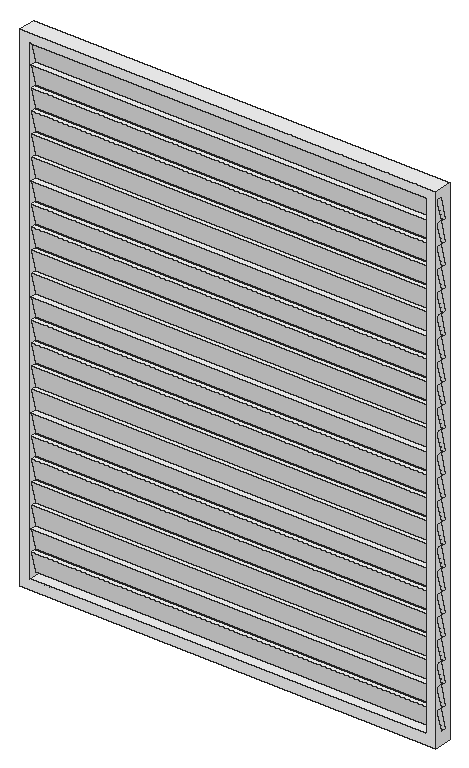
Revit family "WLV_A3-1500x2400mm-Louvre", category Windows, host Wall, Revit 2016
Family settings
  Host = Wall
  Always vertical = Yes
  Cut with Voids When Loaded = No
  Shared = No
  Room Calculation Point = No
Parameters (values of type "2000 x 2400mm Louvre")
  Lovre Height Half = Frame Width * 2  # 100 mm
  Louvre Width = 100 mm  # constant formula
  Louvre Finish = Default Louvre
  Louvre Angle = 15.00°
  Inside Width = Width - (45 mm * 2)  # 1100 mm
  Inside Height = Height - (45 mm * 2)  # 1100 mm
  Inset = 115 mm
  Height = 1190 mm
  Head Height = 2125 mm
  Frame Width = Louvre Width / 2  # 50 mm
  Frame Finish = Default Frame
  Default Sill Height = 800 mm
  Wall Closure = By host
  Width = 1190 mm
  Assembly Code = ""
  Array = Inside Height / Louvre Width  # 11
Reference planes
  plane 1: y = 0
  plane 2 "Center (Left/Right)": x = 0
  plane 3 "Left": x = -595
  plane 4 "Right": x = 595
  plane 5 "Sill": z = 935
  plane 6 "Head": z = 2125
  plane 7 "Exterior": y = 115
  plane 8 "Interior": y = -115
  plane 9 "Inset": y = 0
  plane 10: z = 1035
  plane 11: z = 2025
Forms (mm)
  Sweep 1, solid, material "Default Frame" <- "Frame Finish"
    path origin (0, 0, 0) x (-1, 0, 0) y (0, 0, 1)
      loop
        line (-1000, 0) -> (1000, 0) -> (1000, 2400) -> (-1000, 2400) -> (-1000, 0)
    profile "Profile Rectangle : Profile Rectangle" origin (0, 0, 0) x (0, 0, 1) y (0, 1, 0)
      loop
        line (0, -40) -> (45, -40) -> (45, 40) -> (0, 40) -> (0, -40)
Lines and regions (mm)
  Opening 1
    outline origin (3500, -115, 0) x (1, 0, 0) y (0, 0, 1)
      loop
        line (-2500, 0) -> (-2500, 2400) -> (-4500, 2400) -> (-4500, 0) -> (-2500, 0)
Text (mm)
  text "EXTERIOR" at (-1963.203, 1332.353, 0), in view "Ref. Level"
  text "INTERIOR" at (-1981.466, -818.386, 0), in view "Ref. Level"
  text "Exterior" at (0, 923.751, 2943.296), in view "Right"
  text "Exterior" at (0, 1040.484, 2685.409), in view "Left"
Dimensions and locks
  equal spacing: plane 3 "Left", plane 2 "Center (Left/Right)", plane 4 "Right"
  "Width": plane 3 "Left" to plane 4 "Right"
  plane 5 "Sill" to Sweep 1 = 1465 mm
  "Head Height": plane 6 "Head" to level
  locked: plane 7 "Exterior" to host wall at 0
  locked: plane 8 "Interior" to host wall
  "Inset": plane 9 "Inset" to plane 7 "Exterior"
  "Lovre Height Half": plane 5 "Sill" to plane 10
  "Lovre Height Half": plane 11 to plane 6 "Head"
  level to Sweep 1 = 0 mm
  equal spacing: group 1, group 2, group 3, group 4, group 5, group 6, group 7, group 8, group 9, group 10, group 11, group 12, group 13, group 14  (x3)
  aligned and locked: nested 1 to plane 9 "Inset"
  aligned and locked: plane 2 "Center (Left/Right)" to nested 1
Automatic sketch dimensions
  Sweep 1 sketch curve to plane 4 "Right" = 405 mm
  plane 3 "Left" to Sweep 1 sketch curve = 405 mm
  Sweep 1 sketch curve to level = 0 mm
  Sweep 1 sketch curve to plane 6 "Head" = 275 mm
  Opening 1 sketch curve to level = 0 mm
  plane 3 "Left" to Opening 1 sketch curve = 405 mm
  Opening 1 sketch curve to plane 4 "Right" = 405 mm
  Opening 1 sketch curve to plane 6 "Head" = 275 mm
Nested families
  nested 1: "Louvre Component" at (0, 0, 960), type "100mm Louvre"
  nested 2: "Louvre Component" at (0, 0, 1060), type "100mm Louvre"
  nested 3: "Louvre Component" at (0, 0, 1160), type "100mm Louvre"
  nested 4: "Louvre Component" at (0, 0, 1260), type "100mm Louvre"
  nested 5: "Louvre Component" at (0, 0, 1360), type "100mm Louvre"
  nested 6: "Louvre Component" at (0, 0, 1460), type "100mm Louvre"
  nested 7: "Louvre Component" at (0, 0, 1560), type "100mm Louvre"
  nested 8: "Louvre Component" at (0, 0, 1660), type "100mm Louvre"
  nested 9: "Louvre Component" at (0, 0, 1760), type "100mm Louvre"
  nested 10: "Louvre Component" at (0, 0, 1860), type "100mm Louvre"
  nested 11: "Louvre Component" at (0, 0, 1960), type "100mm Louvre"
  nested 12: "Louvre Component" at (0, 0, 2060), type "100mm Louvre"
  nested 13: "Louvre Component" at (0, 0, 2160), type "100mm Louvre"
  nested 14: "Louvre Component" at (0, 0, 2260), type "100mm Louvre"
  nested 15: "Louvre Component" at (0, 0, 860), type "100mm Louvre"
  nested 16: "Louvre Component" at (0, 0, 760), type "100mm Louvre"
  nested 17: "Louvre Component" at (0, 0, 660), type "100mm Louvre"
  nested 18: "Louvre Component" at (0, 0, 560), type "100mm Louvre"
  nested 19: "Louvre Component" at (0, 0, 460), type "100mm Louvre"
  nested 20: "Louvre Component" at (0, 0, 360), type "100mm Louvre"
  nested 21: "Louvre Component" at (0, 0, 260), type "100mm Louvre"
  nested 22: "Louvre Component" at (0, 0, 160), type "100mm Louvre"
  nested 23: "Louvre Component" at (0, 0, 60), type "100mm Louvre"
Definition of nested family "Louvre Component"
  Parameters
    Width Inside = 1100 mm
    Louvre Width = 20 mm
    Louvre Size = 100 mm
    Louvre Finish = none
    Louvre Angle = 15.00°
    Frame Size = 45 mm
    Assembly Code = ""
  Reference planes
    plane 1 "Center (Front/Back)": y = 0
    plane 2: z = 50
    plane 3 "Center (Left/Right)": x = 0
    plane 4: x = -550
    plane 5: x = 550
    plane 6: x = 595
    plane 7: x = -595
    plane 8: z = 100
    plane 9: z = 0
  Forms (mm)
    Extrusion 1, solid, material <- "Louvre Finish"
      sketch origin (0, 0, 0) x (0, 1, 0) y (0, 0, 1)
        loop
          line (-13.397, 100) -> (-34.103, 100) -> (-7.308, 0) -> (13.397, 0) -> (-13.397, 100)
      from -999.999 to 1000.072
  Lines and regions (mm)
    reference lines
      curve 1: line (0, 0, 50) -> (0, -158.356, 640.993)
    symbolic lines
      curve 2: line (0, 140, 50) -> (0, -120, 50)
  Dimensions and locks
    equal spacing: plane 4, plane 3 "Center (Left/Right)", plane 5
    "Width Inside": plane 4 to plane 5
    "Frame Size": plane 7 to plane 4
    "Frame Size": plane 5 to plane 6
    equal spacing: plane 8, plane 2, plane 9
    "Louvre Size": plane 8 to plane 9
    "Louvre Width": Extrusion 1 sketch curve to curve 1
    Extrusion 1 to curve 1 to Extrusion 1 = 1000.072 mm, 999.999 mm
    "Louvre Angle": angle curve 1 to plane 1 "Center (Front/Back)"
    aligned and locked: Extrusion 1 sketch curve to curve 1
  Automatic sketch dimensions
    curve 1 to plane 1 "Center (Front/Back)" = 0 mm
    curve 1 to plane 2 = 0 mm
    Extrusion 1 sketch curve to plane 9 = 0 mm
    Extrusion 1 sketch curve to plane 8 = 0 mm
    curve 2 to plane 2 = 0 mm
    plane 1 "Center (Front/Back)" to curve 2 = 120 mm
    curve 2 to plane 1 "Center (Front/Back)" = 140 mm
